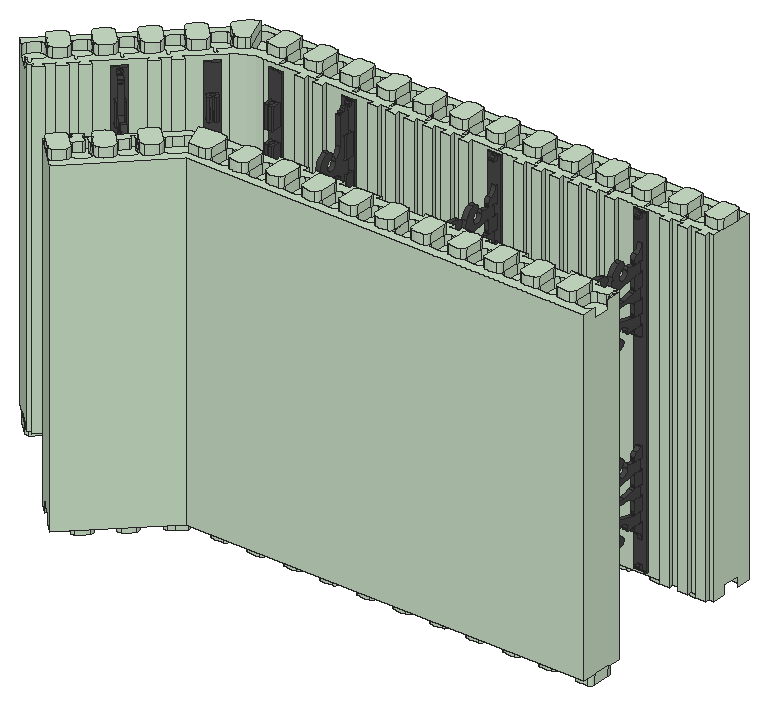
Revit family (continued)
Forms (in)
  Extrusion 49, void
    sketch origin (10, 0, 0) x (-0.707107, -0.707107, 0) y (0.707107, -0.707107, 0)
      loop
        line (-1.62842, 8.55535) -> (-2.27978, 7.90399)
        arc (-2.27978, 7.90399) -> (-2.34995, 7.76615) -> (-2.32559, 7.6134) r 0.25
        arc (-2.32559, 7.6134) -> (-2.18471, 7.40379) -> (-1.99833, 7.23335) r 1.0625
        arc (-1.99833, 7.23335) -> (-1.97244, 7.18765) -> (-1.99053, 7.13835) r 0.0625
        line (-1.99053, 7.13835) -> (-2.14723, 6.98165) -> (-2.02643, 6.86086) -> (-1.78171, 7.10558)
        arc (-1.78171, 7.10558) -> (-1.76253, 7.11866) -> (-1.7399, 7.12384) r 0.0625
        arc (-1.7399, 7.12384) -> (-1.64938, 7.14456) -> (-1.57267, 7.19688) r 0.25
        line (-1.57267, 7.19688) -> (-0.92131, 7.84824)
        arc (-0.92131, 7.84824) -> (-0.85114, 7.98608) -> (-0.87549, 8.13883) r 0.25
        arc (-0.87549, 8.13883) -> (-1.07021, 8.40645) -> (-1.33783, 8.60117) r 1.0625
    from 0 to 0.5
  Extrusion 50, void
    sketch origin (12, 0, 0) x (-0.707107, -0.707107, 0) y (0.707107, -0.707107, 0)
      loop
        arc (-1.33783, 8.60117) -> (-1.49058, 8.62552) -> (-1.62842, 8.55535) r 0.25
        line (-1.62842, 8.55535) -> (-2.27978, 7.90399)
        arc (-2.27978, 7.90399) -> (-2.34995, 7.76615) -> (-2.32559, 7.6134) r 0.25
        arc (-2.32559, 7.6134) -> (-2.18471, 7.40379) -> (-1.99833, 7.23335) r 1.0625
        arc (-1.99833, 7.23335) -> (-1.97244, 7.18765) -> (-1.99053, 7.13835) r 0.0625
        line (-1.99053, 7.13835) -> (-2.14723, 6.98165) -> (-2.02643, 6.86086) -> (-1.78171, 7.10558)
        arc (-1.78171, 7.10558) -> (-1.76253, 7.11866) -> (-1.7399, 7.12384) r 0.0625
        arc (-1.7399, 7.12384) -> (-1.64938, 7.14456) -> (-1.57267, 7.19688) r 0.25
        line (-1.57267, 7.19688) -> (-0.92131, 7.84824)
        arc (-0.92131, 7.84824) -> (-0.85114, 7.98608) -> (-0.87549, 8.13883) r 0.25
        arc (-0.87549, 8.13883) -> (-1.07021, 8.40645) -> (-1.33783, 8.60117) r 1.0625
    from 0 to 0.5
  Extrusion 51, void
    sketch origin (14, 0, 0) x (-0.707107, -0.707107, 0) y (0.707107, -0.707107, 0)
      loop
        arc (-1.33783, 8.60117) -> (-1.49058, 8.62552) -> (-1.62842, 8.55535) r 0.25
        line (-1.62842, 8.55535) -> (-2.27978, 7.90399)
        arc (-2.27978, 7.90399) -> (-2.34995, 7.76615) -> (-2.32559, 7.6134) r 0.25
        arc (-2.32559, 7.6134) -> (-2.18471, 7.40379) -> (-1.99833, 7.23335) r 1.0625
        arc (-1.99833, 7.23335) -> (-1.97244, 7.18765) -> (-1.99053, 7.13835) r 0.0625
        line (-1.99053, 7.13835) -> (-2.14723, 6.98165) -> (-2.02643, 6.86086) -> (-1.78171, 7.10558)
        arc (-1.78171, 7.10558) -> (-1.76253, 7.11866) -> (-1.7399, 7.12384) r 0.0625
        arc (-1.7399, 7.12384) -> (-1.64938, 7.14456) -> (-1.57267, 7.19688) r 0.25
        line (-1.57267, 7.19688) -> (-0.92131, 7.84824)
        arc (-0.92131, 7.84824) -> (-0.85114, 7.98608) -> (-0.87549, 8.13883) r 0.25
        arc (-0.87549, 8.13883) -> (-1.07021, 8.40645) -> (-1.33783, 8.60117) r 1.0625
    from 0 to 0.5
  Extrusion 52, void
    sketch origin (16, 0, 0) x (-0.707107, -0.707107, 0) y (0.707107, -0.707107, 0)
      loop
        arc (-1.33783, 8.60117) -> (-1.49058, 8.62552) -> (-1.62842, 8.55535) r 0.25
        line (-1.62842, 8.55535) -> (-2.27978, 7.90399)
        arc (-2.27978, 7.90399) -> (-2.34995, 7.76615) -> (-2.32559, 7.6134) r 0.25
        arc (-2.32559, 7.6134) -> (-2.18471, 7.40379) -> (-1.99833, 7.23335) r 1.0625
        arc (-1.99833, 7.23335) -> (-1.97244, 7.18765) -> (-1.99053, 7.13835) r 0.0625
        line (-1.99053, 7.13835) -> (-2.14723, 6.98165) -> (-2.02643, 6.86086) -> (-1.78171, 7.10558)
        arc (-1.78171, 7.10558) -> (-1.76253, 7.11866) -> (-1.7399, 7.12384) r 0.0625
        arc (-1.7399, 7.12384) -> (-1.64938, 7.14456) -> (-1.57267, 7.19688) r 0.25
        line (-1.57267, 7.19688) -> (-0.92131, 7.84824)
        arc (-0.92131, 7.84824) -> (-0.85114, 7.98608) -> (-0.87549, 8.13883) r 0.25
        arc (-0.87549, 8.13883) -> (-1.07021, 8.40645) -> (-1.33783, 8.60117) r 1.0625
    from 0 to 0.5
  Extrusion 53, void
    sketch origin (30.40202, 0, 0) x (0.707107, 0.707107, 0) y (-0.707107, 0.707107, 0)
      loop
        arc (-1.33783, 8.60117) -> (-1.49058, 8.62552) -> (-1.62842, 8.55535) r 0.25
        line (-1.62842, 8.55535) -> (-2.27978, 7.90399)
        arc (-2.27978, 7.90399) -> (-2.34995, 7.76615) -> (-2.32559, 7.6134) r 0.25
        arc (-2.32559, 7.6134) -> (-2.18471, 7.40379) -> (-1.99833, 7.23335) r 1.0625
        arc (-1.99833, 7.23335) -> (-1.97244, 7.18765) -> (-1.99053, 7.13835) r 0.0625
        line (-1.99053, 7.13835) -> (-2.14723, 6.98165) -> (-2.02643, 6.86086) -> (-1.78171, 7.10558)
        arc (-1.78171, 7.10558) -> (-1.76253, 7.11866) -> (-1.7399, 7.12384) r 0.0625
        arc (-1.7399, 7.12384) -> (-1.64938, 7.14456) -> (-1.57267, 7.19688) r 0.25
        line (-1.57267, 7.19688) -> (-0.92131, 7.84824)
        arc (-0.92131, 7.84824) -> (-0.85114, 7.98608) -> (-0.87549, 8.13883) r 0.25
        arc (-0.87549, 8.13883) -> (-1.07021, 8.40645) -> (-1.33783, 8.60117) r 1.0625
    from 0 to 0.5
  Extrusion 54, void
    sketch origin (28.40202, 0, 0) x (0.707107, 0.707107, 0) y (-0.707107, 0.707107, 0)
      loop
        arc (-1.33783, 8.60117) -> (-1.49058, 8.62552) -> (-1.62842, 8.55535) r 0.25
        line (-1.62842, 8.55535) -> (-2.27978, 7.90399)
        arc (-2.27978, 7.90399) -> (-2.34995, 7.76615) -> (-2.32559, 7.6134) r 0.25
        arc (-2.32559, 7.6134) -> (-2.18471, 7.40379) -> (-1.99833, 7.23335) r 1.0625
        arc (-1.99833, 7.23335) -> (-1.97244, 7.18765) -> (-1.99053, 7.13835) r 0.0625
        line (-1.99053, 7.13835) -> (-2.14723, 6.98165) -> (-2.02643, 6.86086) -> (-1.78171, 7.10558)
        arc (-1.78171, 7.10558) -> (-1.76253, 7.11866) -> (-1.7399, 7.12384) r 0.0625
        arc (-1.7399, 7.12384) -> (-1.64938, 7.14456) -> (-1.57267, 7.19688) r 0.25
        line (-1.57267, 7.19688) -> (-0.92131, 7.84824)
        arc (-0.92131, 7.84824) -> (-0.85114, 7.98608) -> (-0.87549, 8.13883) r 0.25
        arc (-0.87549, 8.13883) -> (-1.07021, 8.40645) -> (-1.33783, 8.60117) r 1.0625
    from 0 to 0.5
  Extrusion 55, void
    sketch origin (26.40202, 0, 0) x (0.707107, 0.707107, 0) y (-0.707107, 0.707107, 0)
      loop
        arc (-1.33783, 8.60117) -> (-1.49058, 8.62552) -> (-1.62842, 8.55535) r 0.25
        line (-1.62842, 8.55535) -> (-2.27978, 7.90399)
        arc (-2.27978, 7.90399) -> (-2.34995, 7.76615) -> (-2.32559, 7.6134) r 0.25
        arc (-2.32559, 7.6134) -> (-2.18471, 7.40379) -> (-1.99833, 7.23335) r 1.0625
        arc (-1.99833, 7.23335) -> (-1.97244, 7.18765) -> (-1.99053, 7.13835) r 0.0625
        line (-1.99053, 7.13835) -> (-2.14723, 6.98165) -> (-2.02643, 6.86086) -> (-1.78171, 7.10558)
        arc (-1.78171, 7.10558) -> (-1.76253, 7.11866) -> (-1.7399, 7.12384) r 0.0625
        arc (-1.7399, 7.12384) -> (-1.64938, 7.14456) -> (-1.57267, 7.19688) r 0.25
        line (-1.57267, 7.19688) -> (-0.92131, 7.84824)
        arc (-0.92131, 7.84824) -> (-0.85114, 7.98608) -> (-0.87549, 8.13883) r 0.25
        arc (-0.87549, 8.13883) -> (-1.07021, 8.40645) -> (-1.33783, 8.60117) r 1.0625
    from 0 to 0.5
  Extrusion 56, void
    sketch origin (24.40202, 0, 0) x (0.707107, 0.707107, 0) y (-0.707107, 0.707107, 0)
      loop
        arc (-1.33783, 8.60117) -> (-1.49058, 8.62552) -> (-1.62842, 8.55535) r 0.25
        line (-1.62842, 8.55535) -> (-2.27978, 7.90399)
        arc (-2.27978, 7.90399) -> (-2.34995, 7.76615) -> (-2.32559, 7.6134) r 0.25
        arc (-2.32559, 7.6134) -> (-2.18471, 7.40379) -> (-1.99833, 7.23335) r 1.0625
        arc (-1.99833, 7.23335) -> (-1.97244, 7.18765) -> (-1.99053, 7.13835) r 0.0625
        line (-1.99053, 7.13835) -> (-2.14723, 6.98165) -> (-2.02643, 6.86086) -> (-1.78171, 7.10558)
        arc (-1.78171, 7.10558) -> (-1.76253, 7.11866) -> (-1.7399, 7.12384) r 0.0625
        arc (-1.7399, 7.12384) -> (-1.64938, 7.14456) -> (-1.57267, 7.19688) r 0.25
        line (-1.57267, 7.19688) -> (-0.92131, 7.84824)
        arc (-0.92131, 7.84824) -> (-0.85114, 7.98608) -> (-0.87549, 8.13883) r 0.25
        arc (-0.87549, 8.13883) -> (-1.07021, 8.40645) -> (-1.33783, 8.60117) r 1.0625
    from 0 to 0.5
  Extrusion 57, void
    sketch origin (22.40202, 0, 0) x (0.707107, 0.707107, 0) y (-0.707107, 0.707107, 0)
      loop
        arc (-1.33783, 8.60117) -> (-1.49058, 8.62552) -> (-1.62842, 8.55535) r 0.25
        line (-1.62842, 8.55535) -> (-2.27978, 7.90399)
        arc (-2.27978, 7.90399) -> (-2.34995, 7.76615) -> (-2.32559, 7.6134) r 0.25
        arc (-2.32559, 7.6134) -> (-2.18471, 7.40379) -> (-1.99833, 7.23335) r 1.0625
        arc (-1.99833, 7.23335) -> (-1.97244, 7.18765) -> (-1.99053, 7.13835) r 0.0625
        line (-1.99053, 7.13835) -> (-2.14723, 6.98165) -> (-2.02643, 6.86086) -> (-1.78171, 7.10558)
        arc (-1.78171, 7.10558) -> (-1.76253, 7.11866) -> (-1.7399, 7.12384) r 0.0625
        arc (-1.7399, 7.12384) -> (-1.64938, 7.14456) -> (-1.57267, 7.19688) r 0.25
        line (-1.57267, 7.19688) -> (-0.92131, 7.84824)
        arc (-0.92131, 7.84824) -> (-0.85114, 7.98608) -> (-0.87549, 8.13883) r 0.25
        arc (-0.87549, 8.13883) -> (-1.07021, 8.40645) -> (-1.33783, 8.60117) r 1.0625
    from 0 to 0.5
  Extrusion 58, void
    sketch origin (20.40202, 0, 0) x (0.707107, 0.707107, 0) y (-0.707107, 0.707107, 0)
      loop
        arc (-1.33783, 8.60117) -> (-1.49058, 8.62552) -> (-1.62842, 8.55535) r 0.25
        line (-1.62842, 8.55535) -> (-2.27978, 7.90399)
        arc (-2.27978, 7.90399) -> (-2.34995, 7.76615) -> (-2.32559, 7.6134) r 0.25
        arc (-2.32559, 7.6134) -> (-2.18471, 7.40379) -> (-1.99833, 7.23335) r 1.0625
        arc (-1.99833, 7.23335) -> (-1.97244, 7.18765) -> (-1.99053, 7.13835) r 0.0625
        line (-1.99053, 7.13835) -> (-2.14723, 6.98165) -> (-2.02643, 6.86086) -> (-1.78171, 7.10558)
        arc (-1.78171, 7.10558) -> (-1.76253, 7.11866) -> (-1.7399, 7.12384) r 0.0625
        arc (-1.7399, 7.12384) -> (-1.64938, 7.14456) -> (-1.57267, 7.19688) r 0.25
        line (-1.57267, 7.19688) -> (-0.92131, 7.84824)
        arc (-0.92131, 7.84824) -> (-0.85114, 7.98608) -> (-0.87549, 8.13883) r 0.25
        arc (-0.87549, 8.13883) -> (-1.07021, 8.40645) -> (-1.33783, 8.60117) r 1.0625
    from 0 to 0.5
  Extrusion 59, void
    sketch origin (18.40202, 0, 0) x (0.707107, 0.707107, 0) y (-0.707107, 0.707107, 0)
      loop
        arc (-1.33783, 8.60117) -> (-1.49058, 8.62552) -> (-1.62842, 8.55535) r 0.25
        line (-1.62842, 8.55535) -> (-2.27978, 7.90399)
        arc (-2.27978, 7.90399) -> (-2.34995, 7.76615) -> (-2.32559, 7.6134) r 0.25
        arc (-2.32559, 7.6134) -> (-2.18471, 7.40379) -> (-1.99833, 7.23335) r 1.0625
        arc (-1.99833, 7.23335) -> (-1.97244, 7.18765) -> (-1.99053, 7.13835) r 0.0625
        line (-1.99053, 7.13835) -> (-2.14723, 6.98165) -> (-2.02643, 6.86086) -> (-1.78171, 7.10558)
        arc (-1.78171, 7.10558) -> (-1.76253, 7.11866) -> (-1.7399, 7.12384) r 0.0625
        arc (-1.7399, 7.12384) -> (-1.64938, 7.14456) -> (-1.57267, 7.19688) r 0.25
        line (-1.57267, 7.19688) -> (-0.92131, 7.84824)
        arc (-0.92131, 7.84824) -> (-0.85114, 7.98608) -> (-0.87549, 8.13883) r 0.25
        arc (-0.87549, 8.13883) -> (-1.07021, 8.40645) -> (-1.33783, 8.60117) r 1.0625
    from 0 to 0.5
  Extrusion 60, void
    sketch origin (16.40202, 0, 0) x (0.707107, 0.707107, 0) y (-0.707107, 0.707107, 0)
      loop
        arc (-1.33783, 8.60117) -> (-1.49058, 8.62552) -> (-1.62842, 8.55535) r 0.25
        line (-1.62842, 8.55535) -> (-2.27978, 7.90399)
        arc (-2.27978, 7.90399) -> (-2.34995, 7.76615) -> (-2.32559, 7.6134) r 0.25
        arc (-2.32559, 7.6134) -> (-2.18471, 7.40379) -> (-1.99833, 7.23335) r 1.0625
        arc (-1.99833, 7.23335) -> (-1.97244, 7.18765) -> (-1.99053, 7.13835) r 0.0625
        line (-1.99053, 7.13835) -> (-2.14723, 6.98165) -> (-2.02643, 6.86086) -> (-1.78171, 7.10558)
        arc (-1.78171, 7.10558) -> (-1.76253, 7.11866) -> (-1.7399, 7.12384) r 0.0625
        arc (-1.7399, 7.12384) -> (-1.64938, 7.14456) -> (-1.57267, 7.19688) r 0.25
        line (-1.57267, 7.19688) -> (-0.92131, 7.84824)
        arc (-0.92131, 7.84824) -> (-0.85114, 7.98608) -> (-0.87549, 8.13883) r 0.25
        arc (-0.87549, 8.13883) -> (-1.07021, 8.40645) -> (-1.33783, 8.60117) r 1.0625
    from 0 to 0.5
  Extrusion 61, void
    sketch origin (14.40202, 0, 0) x (0.707107, 0.707107, 0) y (-0.707107, 0.707107, 0)
      loop
        arc (-1.33783, 8.60117) -> (-1.49058, 8.62552) -> (-1.62842, 8.55535) r 0.25
        line (-1.62842, 8.55535) -> (-2.27978, 7.90399)
        arc (-2.27978, 7.90399) -> (-2.34995, 7.76615) -> (-2.32559, 7.6134) r 0.25
        arc (-2.32559, 7.6134) -> (-2.18471, 7.40379) -> (-1.99833, 7.23335) r 1.0625
        arc (-1.99833, 7.23335) -> (-1.97244, 7.18765) -> (-1.99053, 7.13835) r 0.0625
        line (-1.99053, 7.13835) -> (-2.14723, 6.98165) -> (-2.02643, 6.86086) -> (-1.78171, 7.10558)
        arc (-1.78171, 7.10558) -> (-1.76253, 7.11866) -> (-1.7399, 7.12384) r 0.0625
        arc (-1.7399, 7.12384) -> (-1.64938, 7.14456) -> (-1.57267, 7.19688) r 0.25
        line (-1.57267, 7.19688) -> (-0.92131, 7.84824)
        arc (-0.92131, 7.84824) -> (-0.85114, 7.98608) -> (-0.87549, 8.13883) r 0.25
        arc (-0.87549, 8.13883) -> (-1.07021, 8.40645) -> (-1.33783, 8.60117) r 1.0625
    from 0 to 0.5
  Extrusion 62, void
    sketch origin (12.40202, 0, 0) x (0.707107, 0.707107, 0) y (-0.707107, 0.707107, 0)
      loop
        arc (-1.33783, 8.60117) -> (-1.49058, 8.62552) -> (-1.62842, 8.55535) r 0.25
        line (-1.62842, 8.55535) -> (-2.27978, 7.90399)
        arc (-2.27978, 7.90399) -> (-2.34995, 7.76615) -> (-2.32559, 7.6134) r 0.25
        arc (-2.32559, 7.6134) -> (-2.18471, 7.40379) -> (-1.99833, 7.23335) r 1.0625
        arc (-1.99833, 7.23335) -> (-1.97244, 7.18765) -> (-1.99053, 7.13835) r 0.0625
        line (-1.99053, 7.13835) -> (-2.14723, 6.98165) -> (-2.02643, 6.86086) -> (-1.78171, 7.10558)
        arc (-1.78171, 7.10558) -> (-1.76253, 7.11866) -> (-1.7399, 7.12384) r 0.0625
        arc (-1.7399, 7.12384) -> (-1.64938, 7.14456) -> (-1.57267, 7.19688) r 0.25
        line (-1.57267, 7.19688) -> (-0.92131, 7.84824)
        arc (-0.92131, 7.84824) -> (-0.85114, 7.98608) -> (-0.87549, 8.13883) r 0.25
        arc (-0.87549, 8.13883) -> (-1.07021, 8.40645) -> (-1.33783, 8.60117) r 1.0625
    from 0 to 0.5
  Extrusion 63, void
    sketch origin (10.40202, 0, 0) x (0.707107, 0.707107, 0) y (-0.707107, 0.707107, 0)
      loop
        arc (-1.33783, 8.60117) -> (-1.49058, 8.62552) -> (-1.62842, 8.55535) r 0.25
        line (-1.62842, 8.55535) -> (-2.27978, 7.90399)
        arc (-2.27978, 7.90399) -> (-2.34995, 7.76615) -> (-2.32559, 7.6134) r 0.25
        arc (-2.32559, 7.6134) -> (-2.18471, 7.40379) -> (-1.99833, 7.23335) r 1.0625
        arc (-1.99833, 7.23335) -> (-1.97244, 7.18765) -> (-1.99053, 7.13835) r 0.0625
        line (-1.99053, 7.13835) -> (-2.14723, 6.98165) -> (-2.02643, 6.86086) -> (-1.78171, 7.10558)
        arc (-1.78171, 7.10558) -> (-1.76253, 7.11866) -> (-1.7399, 7.12384) r 0.0625
        arc (-1.7399, 7.12384) -> (-1.64938, 7.14456) -> (-1.57267, 7.19688) r 0.25
        line (-1.57267, 7.19688) -> (-0.92131, 7.84824)
        arc (-0.92131, 7.84824) -> (-0.85114, 7.98608) -> (-0.87549, 8.13883) r 0.25
        arc (-0.87549, 8.13883) -> (-1.07021, 8.40645) -> (-1.33783, 8.60117) r 1.0625
    from 0 to 0.5
  Extrusion 64, void
    sketch origin (8.40202, 0, 0) x (0.707107, 0.707107, 0) y (-0.707107, 0.707107, 0)
      loop
        arc (-1.33783, 8.60117) -> (-1.49058, 8.62552) -> (-1.62842, 8.55535) r 0.25
        line (-1.62842, 8.55535) -> (-2.27978, 7.90399)
        arc (-2.27978, 7.90399) -> (-2.34995, 7.76615) -> (-2.32559, 7.6134) r 0.25
        arc (-2.32559, 7.6134) -> (-2.18471, 7.40379) -> (-1.99833, 7.23335) r 1.0625
        arc (-1.99833, 7.23335) -> (-1.97244, 7.18765) -> (-1.99053, 7.13835) r 0.0625
        line (-1.99053, 7.13835) -> (-2.14723, 6.98165) -> (-2.02643, 6.86086) -> (-1.78171, 7.10558)
        arc (-1.78171, 7.10558) -> (-1.76253, 7.11866) -> (-1.7399, 7.12384) r 0.0625
        arc (-1.7399, 7.12384) -> (-1.64938, 7.14456) -> (-1.57267, 7.19688) r 0.25
        line (-1.57267, 7.19688) -> (-0.92131, 7.84824)
        arc (-0.92131, 7.84824) -> (-0.85114, 7.98608) -> (-0.87549, 8.13883) r 0.25
        arc (-0.87549, 8.13883) -> (-1.07021, 8.40645) -> (-1.33783, 8.60117) r 1.0625
    from 0 to 0.5
  Extrusion 65, void
    sketch origin (6.40202, 0, 0) x (0.707107, 0.707107, 0) y (-0.707107, 0.707107, 0)
      loop
        arc (-1.33783, 8.60117) -> (-1.49058, 8.62552) -> (-1.62842, 8.55535) r 0.25
        line (-1.62842, 8.55535) -> (-2.27978, 7.90399)
        arc (-2.27978, 7.90399) -> (-2.34995, 7.76615) -> (-2.32559, 7.6134) r 0.25
        arc (-2.32559, 7.6134) -> (-2.18471, 7.40379) -> (-1.99833, 7.23335) r 1.0625
        arc (-1.99833, 7.23335) -> (-1.97244, 7.18765) -> (-1.99053, 7.13835) r 0.0625
        line (-1.99053, 7.13835) -> (-2.14723, 6.98165) -> (-2.02643, 6.86086) -> (-1.78171, 7.10558)
        arc (-1.78171, 7.10558) -> (-1.76253, 7.11866) -> (-1.7399, 7.12384) r 0.0625
        arc (-1.7399, 7.12384) -> (-1.64938, 7.14456) -> (-1.57267, 7.19688) r 0.25
        line (-1.57267, 7.19688) -> (-0.92131, 7.84824)
        arc (-0.92131, 7.84824) -> (-0.85114, 7.98608) -> (-0.87549, 8.13883) r 0.25
        arc (-0.87549, 8.13883) -> (-1.07021, 8.40645) -> (-1.33783, 8.60117) r 1.0625
    from 0 to 0.5
  Extrusion 66, void
    sketch origin (4.24264, 4.24264, 0) x (0, 1, 0) y (-1, 0, 0)
      loop
        arc (-1.33783, 8.60117) -> (-1.49058, 8.62552) -> (-1.62842, 8.55535) r 0.25
        line (-1.62842, 8.55535) -> (-2.27978, 7.90399)
        arc (-2.27978, 7.90399) -> (-2.34995, 7.76615) -> (-2.32559, 7.6134) r 0.25
        arc (-2.32559, 7.6134) -> (-2.18471, 7.40379) -> (-1.99833, 7.23335) r 1.0625
        arc (-1.99833, 7.23335) -> (-1.97244, 7.18765) -> (-1.99053, 7.13835) r 0.0625
        line (-1.99053, 7.13835) -> (-2.14723, 6.98165) -> (-2.02643, 6.86086) -> (-1.78171, 7.10558)
        arc (-1.78171, 7.10558) -> (-1.76253, 7.11866) -> (-1.7399, 7.12384) r 0.0625
        arc (-1.7399, 7.12384) -> (-1.64938, 7.14456) -> (-1.57267, 7.19688) r 0.25
        line (-1.57267, 7.19688) -> (-0.92131, 7.84824)
        arc (-0.92131, 7.84824) -> (-0.85114, 7.98608) -> (-0.87549, 8.13883) r 0.25
        arc (-0.87549, 8.13883) -> (-1.07021, 8.40645) -> (-1.33783, 8.60117) r 1.0625
    from 0 to 0.5
  Extrusion 67, void
    sketch origin (2.82843, 2.82843, 0) x (0, 1, 0) y (-1, 0, 0)
      loop
        arc (-1.33783, 8.60117) -> (-1.49058, 8.62552) -> (-1.62842, 8.55535) r 0.25
        line (-1.62842, 8.55535) -> (-2.27978, 7.90399)
        arc (-2.27978, 7.90399) -> (-2.34995, 7.76615) -> (-2.32559, 7.6134) r 0.25
        arc (-2.32559, 7.6134) -> (-2.18471, 7.40379) -> (-1.99833, 7.23335) r 1.0625
        arc (-1.99833, 7.23335) -> (-1.97244, 7.18765) -> (-1.99053, 7.13835) r 0.0625
        line (-1.99053, 7.13835) -> (-2.14723, 6.98165) -> (-2.02643, 6.86086) -> (-1.78171, 7.10558)
        arc (-1.78171, 7.10558) -> (-1.76253, 7.11866) -> (-1.7399, 7.12384) r 0.0625
        arc (-1.7399, 7.12384) -> (-1.64938, 7.14456) -> (-1.57267, 7.19688) r 0.25
        line (-1.57267, 7.19688) -> (-0.92131, 7.84824)
        arc (-0.92131, 7.84824) -> (-0.85114, 7.98608) -> (-0.87549, 8.13883) r 0.25
        arc (-0.87549, 8.13883) -> (-1.07021, 8.40645) -> (-1.33783, 8.60117) r 1.0625
    from 0 to 0.5
  Extrusion 68, void
    sketch origin (1.41421, 1.41421, 0) x (0, 1, 0) y (-1, 0, 0)
      loop
        arc (-1.33783, 8.60117) -> (-1.49058, 8.62552) -> (-1.62842, 8.55535) r 0.25
        line (-1.62842, 8.55535) -> (-2.27978, 7.90399)
        arc (-2.27978, 7.90399) -> (-2.34995, 7.76615) -> (-2.32559, 7.6134) r 0.25
        arc (-2.32559, 7.6134) -> (-2.18471, 7.40379) -> (-1.99833, 7.23335) r 1.0625
        arc (-1.99833, 7.23335) -> (-1.97244, 7.18765) -> (-1.99053, 7.13835) r 0.0625
        line (-1.99053, 7.13835) -> (-2.14723, 6.98165) -> (-2.02643, 6.86086) -> (-1.78171, 7.10558)
        arc (-1.78171, 7.10558) -> (-1.76253, 7.11866) -> (-1.7399, 7.12384) r 0.0625
        arc (-1.7399, 7.12384) -> (-1.64938, 7.14456) -> (-1.57267, 7.19688) r 0.25
        line (-1.57267, 7.19688) -> (-0.92131, 7.84824)
        arc (-0.92131, 7.84824) -> (-0.85114, 7.98608) -> (-0.87549, 8.13883) r 0.25
        arc (-0.87549, 8.13883) -> (-1.07021, 8.40645) -> (-1.33783, 8.60117) r 1.0625
    from 0 to 0.5
  Extrusion 69, void
    sketch origin (0, 0, 0) x (0, 1, 0) y (-1, 0, 0)
      loop
        arc (-1.33783, 8.60117) -> (-1.49058, 8.62552) -> (-1.62842, 8.55535) r 0.25
        line (-1.62842, 8.55535) -> (-2.27978, 7.90399)
        arc (-2.27978, 7.90399) -> (-2.34995, 7.76615) -> (-2.32559, 7.6134) r 0.25
        arc (-2.32559, 7.6134) -> (-2.18471, 7.40379) -> (-1.99833, 7.23335) r 1.0625
        arc (-1.99833, 7.23335) -> (-1.97244, 7.18765) -> (-1.99053, 7.13835) r 0.0625
        line (-1.99053, 7.13835) -> (-2.14723, 6.98165) -> (-2.02643, 6.86086) -> (-1.78171, 7.10558)
        arc (-1.78171, 7.10558) -> (-1.76253, 7.11866) -> (-1.7399, 7.12384) r 0.0625
        arc (-1.7399, 7.12384) -> (-1.64938, 7.14456) -> (-1.57267, 7.19688) r 0.25
        line (-1.57267, 7.19688) -> (-0.92131, 7.84824)
        arc (-0.92131, 7.84824) -> (-0.85114, 7.98608) -> (-0.87549, 8.13883) r 0.25
        arc (-0.87549, 8.13883) -> (-1.07021, 8.40645) -> (-1.33783, 8.60117) r 1.0625
    from 0 to 0.5
Cuts and joins
  Extrusion 6, Extrusion 7, Extrusion 8, Extrusion 9, Extrusion 10, Extrusion 11, Extrusion 12, Extrusion 13, Extrusion 14, Extrusion 15, Extrusion 16, Extrusion 17, Extrusion 18, Extrusion 19, Extrusion 20, Extrusion 21, Extrusion 22, Extrusion 23, Extrusion 24, Extrusion 25, Extrusion 26, Extrusion 27, Extrusion 28, Extrusion 29, Extrusion 30, Extrusion 31, Extrusion 32, Extrusion 33, Extrusion 34, Extrusion 35, Extrusion 36, Extrusion 37, Extrusion 38, Extrusion 39, Extrusion 40, Extrusion 41, Extrusion 42, Extrusion 43, Extrusion 44, Extrusion 45, Extrusion 46, Extrusion 47, Extrusion 48, Extrusion 49, Extrusion 50, Extrusion 51, Extrusion 52, Extrusion 53, Extrusion 54, Extrusion 55, Extrusion 56, Extrusion 57, Extrusion 58, Extrusion 59, Extrusion 60, Extrusion 61, Extrusion 62, Extrusion 63, Extrusion 64, Extrusion 65, Extrusion 66, Extrusion 67, Extrusion 68, Extrusion 69 cuts Extrusion 1
  Extrusion 9, Extrusion 36 cuts Extrusion 2
  Extrusion 35, Extrusion 37 cuts Extrusion 3
  Extrusion 38, Extrusion 43 cuts Extrusion 5
  Extrusion 39, Extrusion 65, Extrusion 66 cuts Extrusion 4
Lines and regions (in)
  model lines
    curve 1: line (8.20717, 5.625, 0) -> (8.20717, 5.625, 18)
Dimensions and locks (in)
  locked: plane 5 to plane 4 at 6
  equal spacing: plane 5, plane 1 "Center (Front/Back)", plane 4
  equal spacing: plane 8, plane 7, plane 6
  locked: plane 8 to plane 6 at 6
  locked: level to plane 9 at 18
  aligned and locked: plane 9 to Extrusion 1
  aligned and locked: Extrusion 1 to plane 9  (x3)
  aligned and locked: Extrusion 1 to level
  aligned and locked: plane 2 to level
  aligned and locked: level to Extrusion 1  (x2)
  aligned and locked: cut or joined group 1 (Extrusion 1, Extrusion 6, Extrusion 7, Extrusion 8, Extrusion 9, Extrusion 10, Extrusion 11, Extrusion 12, Extrusion 13, Extrusion 14, Extrusion 15, Extrusion 16, Extrusion 17, Extrusion 18, Extrusion 19, Extrusion 20, Extrusion 21, Extrusion 22, Extrusion 23, Extrusion 24, Extrusion 25, Extrusion 26, Extrusion 27, Extrusion 28, Extrusion 29, Extrusion 30, Extrusion 31, Extrusion 32, Extrusion 33, Extrusion 34, Extrusion 35, Extrusion 36, Extrusion 37, Extrusion 38, Extrusion 39, Extrusion 40, Extrusion 41, Extrusion 42, Extrusion 43, Extrusion 44, Extrusion 45, Extrusion 46, Extrusion 47, Extrusion 48, Extrusion 49, Extrusion 50, Extrusion 51, Extrusion 52, Extrusion 53, Extrusion 54, Extrusion 55, Extrusion 56, Extrusion 57, Extrusion 58, Extrusion 59, Extrusion 60, Extrusion 61, Extrusion 62, Extrusion 63, Extrusion 64, Extrusion 65, Extrusion 66, Extrusion 67, Extrusion 68, Extrusion 69) to nested 73
  aligned and locked: cut or joined group 1 to nested 74
  aligned and locked: nested 75 to nested 71
  aligned and locked: nested 76 to cut or joined group 1
Automatic sketch dimensions
  plane 6 to Extrusion 1 sketch curve = 0' - 0"  (x10)
  plane 8 to Extrusion 1 sketch curve = 0' - 0"  (x6)
  plane 4 to Extrusion 1 sketch curve = 0' - 0"  (x17)
  plane 5 to Extrusion 1 sketch curve = 0' - 0"  (x15)
  Extrusion 1 sketch curve to plane 5 = 0' - 1.17849"
  Extrusion 1 sketch curve to plane 3 "Center (Left/Right)" = 0' - 9.77647"
  plane 5 to Extrusion 1 sketch curve = 0' - 0.50089"
  Extrusion 1 sketch curve to Extrusion 1 sketch curve = 0' - 1.67938"
  plane 5 to Extrusion 1 sketch curve = 0' - 0.30208"
  plane 5 to Extrusion 1 sketch curve = 0' - 0.52293"
  Extrusion 1 sketch curve to plane 5 = 0' - 0.0074"
  Extrusion 1 sketch curve to Extrusion 1 sketch curve = 0' - 0.30948"  (x7)
  plane 5 to Extrusion 1 sketch curve = 0' - 0.1253"
  Extrusion 1 sketch curve to plane 5 = 0' - 0.40503"
  Extrusion 1 sketch curve to Extrusion 1 sketch curve = 0' - 0.17678"  (x6)
  Extrusion 1 sketch curve to plane 5 = 0' - 0.18418"
  Extrusion 1 sketch curve to plane 5 = 0' - 0.71451"
  Extrusion 1 sketch curve to plane 5 = 0' - 0.58181"
  Extrusion 1 sketch curve to plane 5 = 0' - 1.11214"
  Extrusion 1 sketch curve to plane 5 = 0' - 0.89128"
  Extrusion 1 sketch curve to plane 5 = 0' - 1.42161"
  Extrusion 1 sketch curve to plane 5 = 0' - 1.28891"
  Extrusion 1 sketch curve to plane 1 "Center (Front/Back)" = 0' - 0.23346"
  Extrusion 1 sketch curve to Extrusion 1 sketch curve = 0' - 1.59099"
  Extrusion 1 sketch curve to plane 1 "Center (Front/Back)" = 0' - 0.0126"
  Extrusion 1 sketch curve to plane 1 "Center (Front/Back)" = 0' - 0.54293"
  Extrusion 1 sketch curve to plane 1 "Center (Front/Back)" = 0' - 0.41023"
  Extrusion 1 sketch curve to plane 1 "Center (Front/Back)" = 0' - 0.94056"
  Extrusion 1 sketch curve to plane 1 "Center (Front/Back)" = 0' - 0.71971"
  Extrusion 1 sketch curve to plane 3 "Center (Left/Right)" = 0' - 3.52293"
  Extrusion 1 sketch curve to Extrusion 1 sketch curve = 0' - 0.02204"
  Extrusion 1 sketch curve to plane 1 "Center (Front/Back)" = 0' - 1.25004"
  Extrusion 1 sketch curve to Extrusion 1 sketch curve = 0' - 0.22085"  (x6)
  Extrusion 1 sketch curve to plane 1 "Center (Front/Back)" = 0' - 1.11734"
  Extrusion 1 sketch curve to Extrusion 1 sketch curve = 0' - 0.1327"  (x6)
  Extrusion 1 sketch curve to plane 3 "Center (Left/Right)" = 0' - 2.32995"
  plane 4 to Extrusion 1 sketch curve = 0' - 0.33579"
  Extrusion 1 sketch curve to plane 3 "Center (Left/Right)" = 0' - 1.93198"
  Extrusion 1 sketch curve to plane 3 "Center (Left/Right)" = 0' - 1.82151"
  Extrusion 1 sketch curve to plane 3 "Center (Left/Right)" = 0' - 0.51777"
  plane 3 "Center (Left/Right)" to Extrusion 1 sketch curve = 0' - 0.76041"
  plane 3 "Center (Left/Right)" to Extrusion 1 sketch curve = 0' - 1.41984"
  Extrusion 1 sketch curve to Extrusion 1 sketch curve = 0' - 0.06233"  (x64)
  Extrusion 1 sketch curve to plane 4 = 0' - 0 1/4"  (x17)
  Extrusion 1 sketch curve to Extrusion 1 sketch curve = 0' - 0.43767"  (x57)
  plane 5 to Extrusion 1 sketch curve = 0' - 0 1/4"  (x16)
  Extrusion 1 sketch curve to Extrusion 1 sketch curve = 0' - 1.41421"
  Extrusion 1 sketch curve to Extrusion 1 sketch curve = 0' - 0.15533"
  Extrusion 1 sketch curve to Extrusion 1 sketch curve = 0' - 2.43767"  (x5)
  Extrusion 1 sketch curve to Extrusion 1 sketch curve = 0' - 3.24522"
  Extrusion 1 sketch curve to Extrusion 1 sketch curve = 0' - 0.28117"  (x2)
  Extrusion 1 sketch curve to Extrusion 1 sketch curve = 0' - 0.19881"
  Extrusion 1 sketch curve to Extrusion 1 sketch curve = 0' - 0 3/8"
  Extrusion 1 sketch curve to plane 1 "Center (Front/Back)" = 0' - 1 1/4"
  plane 5 to Extrusion 2 sketch curve = 0' - 0.80644"
  plane 3 "Center (Left/Right)" to Extrusion 2 sketch curve = 0' - 1.57668"
  Extrusion 2 sketch curve to Extrusion 2 sketch curve = 0' - 0.57205"
  Extrusion 2 sketch curve to Extrusion 2 sketch curve = 0' - 0.02589"
  Extrusion 2 sketch curve to Extrusion 2 sketch curve = 0' - 0.52639"
  Extrusion 2 sketch curve to Extrusion 2 sketch curve = 0' - 0"  (x3)
  Extrusion 2 sketch curve to Extrusion 2 sketch curve = 0' - 0 1/4"  (x3)
  Extrusion 2 sketch curve to Extrusion 2 sketch curve = 0' - 0.07692"  (x2)
  Extrusion 2 sketch curve to Extrusion 2 sketch curve = 0' - 0.17048"
  Extrusion 2 sketch curve to Extrusion 2 sketch curve = 0' - 0.14808"
  Extrusion 3 sketch curve to plane 4 = 0' - 1.31902"
  Extrusion 3 sketch curve to plane 3 "Center (Left/Right)" = 0' - 2.94431"
  Extrusion 3 sketch curve to Extrusion 3 sketch curve = 0' - 0"  (x2)
  Extrusion 3 sketch curve to Extrusion 3 sketch curve = 0' - 0.04582"  (x2)
  Extrusion 3 sketch curve to plane 4 = 0' - 1.58664"
  Extrusion 3 sketch curve to Extrusion 3 sketch curve = 0' - 0.19472"
  Extrusion 3 sketch curve to Extrusion 3 sketch curve = 0' - 0.17678"  (x2)
  Extrusion 3 sketch curve to Extrusion 3 sketch curve = 0' - 0.14321"  (x2)
  Extrusion 3 sketch curve to Extrusion 3 sketch curve = 0' - 0.28149"
  Extrusion 3 sketch curve to plane 4 = 0' - 0.37708"
  Extrusion 3 sketch curve to Extrusion 3 sketch curve = 0' - 0.1931"
  Extrusion 3 sketch curve to Extrusion 3 sketch curve = 0' - 0.50691"
  Extrusion 3 sketch curve to Extrusion 3 sketch curve = 0' - 0.07207"
  Extrusion 3 sketch curve to Extrusion 3 sketch curve = 0' - 0.11381"
  Extrusion 3 sketch curve to Extrusion 3 sketch curve = 0' - 0.26762"
  Extrusion 3 sketch curve to plane 4 = 0' - 0 11/16"
  Extrusion 3 sketch curve to Extrusion 3 sketch curve = 0' - 0.16152"
  Extrusion 3 sketch curve to Extrusion 3 sketch curve = 0' - 0.02589"
  Extrusion 3 sketch curve to Extrusion 3 sketch curve = 0' - 0 1/16"
  Extrusion 4 sketch curve to plane 3 "Center (Left/Right)" = 0' - 2.09947"
  Extrusion 4 sketch curve to plane 4 = 0' - 0 11/16"
  Extrusion 4 sketch curve to Extrusion 4 sketch curve = 0' - 0.57205"
  Extrusion 4 sketch curve to Extrusion 4 sketch curve = 0' - 0.59794"
  Extrusion 4 sketch curve to Extrusion 4 sketch curve = 0' - 0.20253"
  Extrusion 4 sketch curve to Extrusion 4 sketch curve = 0' - 0"  (x3)
  Extrusion 4 sketch curve to Extrusion 4 sketch curve = 0' - 0 1/4"  (x3)
  Extrusion 4 sketch curve to Extrusion 4 sketch curve = 0' - 0.07692"  (x2)
  Extrusion 4 sketch curve to Extrusion 4 sketch curve = 0' - 0 1/16"
  Extrusion 4 sketch curve to Extrusion 4 sketch curve = 0' - 0.14808"
  plane 3 "Center (Left/Right)" to Extrusion 5 sketch curve = 0' - 0.50283"
  Extrusion 5 sketch curve to Extrusion 5 sketch curve = 0' - 0"  (x2)
  Extrusion 5 sketch curve to Extrusion 5 sketch curve = 0' - 0.04582"  (x2)
  Extrusion 5 sketch curve to Extrusion 5 sketch curve = 0' - 0.19472"
  Extrusion 5 sketch curve to Extrusion 5 sketch curve = 0' - 0.17678"  (x2)
  Extrusion 5 sketch curve to Extrusion 5 sketch curve = 0' - 0.28149"  (x2)
  Extrusion 5 sketch curve to Extrusion 5 sketch curve = 0' - 0.37221"  (x2)
  Extrusion 5 sketch curve to Extrusion 5 sketch curve = 0' - 0.1931"
  Extrusion 5 sketch curve to Extrusion 5 sketch curve = 0' - 0.07207"
  Extrusion 5 sketch curve to Extrusion 5 sketch curve = 0' - 0.11381"
  Extrusion 5 sketch curve to Extrusion 5 sketch curve = 0' - 0.50691"
  Extrusion 5 sketch curve to Extrusion 5 sketch curve = 0' - 0.26762"
  Extrusion 5 sketch curve to Extrusion 5 sketch curve = 0' - 0.39052"
  Extrusion 5 sketch curve to Extrusion 5 sketch curve = 0' - 0.02589"
  plane 5 to Extrusion 5 sketch curve = 0' - 2.77274"
  Extrusion 5 sketch curve to Extrusion 5 sketch curve = 0' - 0.32802"
  Extrusion 5 sketch curve to Extrusion 5 sketch curve = 0' - 0 1/16"
  Extrusion 5 sketch curve to Extrusion 5 sketch curve = 0' - 0.24884"
  Extrusion 6 sketch curve to plane 3 "Center (Left/Right)" = 0' - 2.32559"
  Extrusion 6 sketch curve to Extrusion 6 sketch curve = 0' - 0"  (x5)
  Extrusion 6 sketch curve to Extrusion 6 sketch curve = 0' - 0.04582"  (x2)
  Extrusion 6 sketch curve to Extrusion 6 sketch curve = 0' - 0.17837"
  Extrusion 6 sketch curve to Extrusion 6 sketch curve = 0' - 0.22259"  (x2)
  Extrusion 6 sketch curve to Extrusion 6 sketch curve = 0' - 0.1125"
  Extrusion 6 sketch curve to Extrusion 6 sketch curve = 0' - 0.1208"
  Extrusion 6 sketch curve to Extrusion 6 sketch curve = 0' - 0.0364"
  Extrusion 6 sketch curve to Extrusion 6 sketch curve = 0' - 0.04419"  (x2)
  Extrusion 6 sketch curve to Extrusion 6 sketch curve = 0' - 0.28149"  (x2)
  Extrusion 6 sketch curve to Extrusion 6 sketch curve = 0' - 0.20883"
  Extrusion 6 sketch curve to Extrusion 6 sketch curve = 0' - 0.03226"
  Extrusion 6 sketch curve to Extrusion 6 sketch curve = 0' - 0.04181"
  Extrusion 6 sketch curve to Extrusion 6 sketch curve = 0' - 0.1931"
  Extrusion 6 sketch curve to Extrusion 6 sketch curve = 0' - 0.16723"
  Extrusion 6 sketch curve to Extrusion 6 sketch curve = 0' - 0.17678"  (x3)
  Extrusion 6 sketch curve to Extrusion 6 sketch curve = 0' - 0.07207"  (x2)
  Extrusion 6 sketch curve to Extrusion 6 sketch curve = 0' - 0.11381"
  plane 5 to Extrusion 6 sketch curve = 0' - 5.60117"
  Extrusion 6 sketch curve to Extrusion 6 sketch curve = 0' - 0.24884"
  Extrusion 6 sketch curve to Extrusion 6 sketch curve = 0' - 0.14031"
  Extrusion 7 sketch curve to plane 3 "Center (Left/Right)" = 0' - 0.91138"
  Extrusion 7 sketch curve to Extrusion 7 sketch curve = 0' - 0"  (x5)
  Extrusion 7 sketch curve to Extrusion 7 sketch curve = 0' - 0.04582"  (x2)
  Extrusion 7 sketch curve to Extrusion 7 sketch curve = 0' - 0.17837"
  Extrusion 7 sketch curve to Extrusion 7 sketch curve = 0' - 0.17678"  (x3)
  Extrusion 7 sketch curve to Extrusion 7 sketch curve = 0' - 0.1125"
  Extrusion 7 sketch curve to Extrusion 7 sketch curve = 0' - 0.1208"
  Extrusion 7 sketch curve to Extrusion 7 sketch curve = 0' - 0.0364"
  Extrusion 7 sketch curve to Extrusion 7 sketch curve = 0' - 0.04419"  (x2)
  Extrusion 7 sketch curve to Extrusion 7 sketch curve = 0' - 0.28149"  (x2)
  Extrusion 7 sketch curve to Extrusion 7 sketch curve = 0' - 0.20883"
  Extrusion 7 sketch curve to Extrusion 7 sketch curve = 0' - 0.03226"
  Extrusion 7 sketch curve to Extrusion 7 sketch curve = 0' - 0.04181"
  Extrusion 7 sketch curve to plane 3 "Center (Left/Right)" = 0' - 0.2142"
  Extrusion 7 sketch curve to plane 3 "Center (Left/Right)" = 0' - 0.15846"
  Extrusion 7 sketch curve to plane 3 "Center (Left/Right)" = 0' - 0.03743"
  plane 3 "Center (Left/Right)" to Extrusion 7 sketch curve = 0' - 0.03464"
  plane 3 "Center (Left/Right)" to Extrusion 7 sketch curve = 0' - 0.07638"
  Extrusion 7 sketch curve to Extrusion 7 sketch curve = 0' - 0.22259"
  plane 5 to Extrusion 7 sketch curve = 0' - 4.18695"
  Extrusion 7 sketch curve to Extrusion 7 sketch curve = 0' - 0.07207"
  Extrusion 7 sketch curve to Extrusion 7 sketch curve = 0' - 0.24884"
  Extrusion 7 sketch curve to Extrusion 7 sketch curve = 0' - 0.14031"
  plane 8 to Extrusion 8 sketch curve = 0' - 2.02974"
  Extrusion 8 sketch curve to Extrusion 8 sketch curve = 0' - 0"  (x5)
  Extrusion 8 sketch curve to Extrusion 8 sketch curve = 0' - 0.04582"  (x2)
  Extrusion 8 sketch curve to Extrusion 8 sketch curve = 0' - 0.17837"
  Extrusion 8 sketch curve to Extrusion 8 sketch curve = 0' - 0.22259"  (x2)
  Extrusion 8 sketch curve to Extrusion 8 sketch curve = 0' - 0.1125"
  Extrusion 8 sketch curve to Extrusion 8 sketch curve = 0' - 0.1208"
  Extrusion 8 sketch curve to Extrusion 8 sketch curve = 0' - 0.0364"
  Extrusion 8 sketch curve to Extrusion 8 sketch curve = 0' - 0.04419"  (x2)
  Extrusion 8 sketch curve to Extrusion 8 sketch curve = 0' - 0.28149"  (x2)
  Extrusion 8 sketch curve to Extrusion 8 sketch curve = 0' - 0.20883"
  Extrusion 8 sketch curve to Extrusion 8 sketch curve = 0' - 0.03226"
  Extrusion 8 sketch curve to Extrusion 8 sketch curve = 0' - 0.04181"
  Extrusion 8 sketch curve to Extrusion 8 sketch curve = 0' - 0.1931"
  Extrusion 8 sketch curve to Extrusion 8 sketch curve = 0' - 0.16723"
  Extrusion 8 sketch curve to Extrusion 8 sketch curve = 0' - 0.17678"  (x3)
  Extrusion 8 sketch curve to Extrusion 8 sketch curve = 0' - 0.07207"  (x2)
  Extrusion 8 sketch curve to Extrusion 8 sketch curve = 0' - 0.11381"
  plane 5 to Extrusion 8 sketch curve = 0' - 2.13595"
  Extrusion 8 sketch curve to Extrusion 8 sketch curve = 0' - 0.24884"
  Extrusion 8 sketch curve to Extrusion 8 sketch curve = 0' - 0.14031"
  plane 8 to Extrusion 9 sketch curve = 0' - 3.44396"
  Extrusion 9 sketch curve to Extrusion 9 sketch curve = 0' - 0"  (x5)
  Extrusion 9 sketch curve to Extrusion 9 sketch curve = 0' - 0.04582"  (x2)
  Extrusion 9 sketch curve to Extrusion 9 sketch curve = 0' - 0.17837"
  Extrusion 9 sketch curve to Extrusion 9 sketch curve = 0' - 0.22259"  (x2)
  Extrusion 9 sketch curve to Extrusion 9 sketch curve = 0' - 0.1125"
  Extrusion 9 sketch curve to Extrusion 9 sketch curve = 0' - 0.1208"
  Extrusion 9 sketch curve to Extrusion 9 sketch curve = 0' - 0.0364"
  Extrusion 9 sketch curve to Extrusion 9 sketch curve = 0' - 0.04419"  (x2)
  Extrusion 9 sketch curve to Extrusion 9 sketch curve = 0' - 0.28149"  (x2)
  Extrusion 9 sketch curve to Extrusion 9 sketch curve = 0' - 0.20883"
  Extrusion 9 sketch curve to Extrusion 9 sketch curve = 0' - 0.03226"
  Extrusion 9 sketch curve to Extrusion 9 sketch curve = 0' - 0.04181"
  Extrusion 9 sketch curve to Extrusion 9 sketch curve = 0' - 0.1931"
  Extrusion 9 sketch curve to Extrusion 9 sketch curve = 0' - 0.16723"
  Extrusion 9 sketch curve to Extrusion 9 sketch curve = 0' - 0.17678"  (x3)
  Extrusion 9 sketch curve to Extrusion 9 sketch curve = 0' - 0.07207"  (x2)
  Extrusion 9 sketch curve to Extrusion 9 sketch curve = 0' - 0.11381"
  plane 5 to Extrusion 9 sketch curve = 0' - 2.13595"
  Extrusion 9 sketch curve to Extrusion 9 sketch curve = 0' - 0.24884"
  Extrusion 9 sketch curve to Extrusion 9 sketch curve = 0' - 0.14031"
  plane 8 to Extrusion 10 sketch curve = 0' - 4.85817"
  Extrusion 10 sketch curve to Extrusion 10 sketch curve = 0' - 0"  (x5)
  Extrusion 10 sketch curve to Extrusion 10 sketch curve = 0' - 0.04582"  (x2)
  Extrusion 10 sketch curve to Extrusion 10 sketch curve = 0' - 0.17837"
  Extrusion 10 sketch curve to Extrusion 10 sketch curve = 0' - 0.17678"  (x4)
  Extrusion 10 sketch curve to Extrusion 10 sketch curve = 0' - 0.1125"
  Extrusion 10 sketch curve to Extrusion 10 sketch curve = 0' - 0.1208"
  Extrusion 10 sketch curve to Extrusion 10 sketch curve = 0' - 0.0364"
  Extrusion 10 sketch curve to Extrusion 10 sketch curve = 0' - 0.04419"  (x2)
  Extrusion 10 sketch curve to Extrusion 10 sketch curve = 0' - 0.28149"  (x2)
  Extrusion 10 sketch curve to Extrusion 10 sketch curve = 0' - 0.20883"
  Extrusion 10 sketch curve to Extrusion 10 sketch curve = 0' - 0.03226"
  Extrusion 10 sketch curve to Extrusion 10 sketch curve = 0' - 0.04181"
  Extrusion 10 sketch curve to Extrusion 10 sketch curve = 0' - 0.1931"
  Extrusion 10 sketch curve to Extrusion 10 sketch curve = 0' - 0.16723"
  Extrusion 10 sketch curve to Extrusion 10 sketch curve = 0' - 0.07207"  (x2)
  Extrusion 10 sketch curve to Extrusion 10 sketch curve = 0' - 0.11381"
  Extrusion 10 sketch curve to Extrusion 10 sketch curve = 0' - 0.22259"
  plane 5 to Extrusion 10 sketch curve = 0' - 2.13595"
  Extrusion 10 sketch curve to Extrusion 10 sketch curve = 0' - 0.24884"
  Extrusion 10 sketch curve to Extrusion 10 sketch curve = 0' - 0.14031"
  plane 8 to Extrusion 11 sketch curve = 0' - 6.27239"
  Extrusion 11 sketch curve to Extrusion 11 sketch curve = 0' - 0"  (x5)
  Extrusion 11 sketch curve to Extrusion 11 sketch curve = 0' - 0.04582"  (x2)
  Extrusion 11 sketch curve to Extrusion 11 sketch curve = 0' - 0.17837"
  Extrusion 11 sketch curve to Extrusion 11 sketch curve = 0' - 0.17678"  (x4)
  Extrusion 11 sketch curve to Extrusion 11 sketch curve = 0' - 0.1125"
  Extrusion 11 sketch curve to Extrusion 11 sketch curve = 0' - 0.1208"
  Extrusion 11 sketch curve to Extrusion 11 sketch curve = 0' - 0.0364"
  Extrusion 11 sketch curve to Extrusion 11 sketch curve = 0' - 0.04419"  (x2)
  Extrusion 11 sketch curve to Extrusion 11 sketch curve = 0' - 0.28149"  (x2)
  Extrusion 11 sketch curve to Extrusion 11 sketch curve = 0' - 0.20883"
  Extrusion 11 sketch curve to Extrusion 11 sketch curve = 0' - 0.03226"
  Extrusion 11 sketch curve to Extrusion 11 sketch curve = 0' - 0.04181"
  Extrusion 11 sketch curve to Extrusion 11 sketch curve = 0' - 0.1931"
  Extrusion 11 sketch curve to Extrusion 11 sketch curve = 0' - 0.16723"
  Extrusion 11 sketch curve to Extrusion 11 sketch curve = 0' - 0.07207"  (x2)
  Extrusion 11 sketch curve to Extrusion 11 sketch curve = 0' - 0.11381"
  Extrusion 11 sketch curve to Extrusion 11 sketch curve = 0' - 0.22259"
  plane 5 to Extrusion 11 sketch curve = 0' - 2.13595"
  Extrusion 11 sketch curve to Extrusion 11 sketch curve = 0' - 0.24884"
  Extrusion 11 sketch curve to Extrusion 11 sketch curve = 0' - 0.14031"
  plane 8 to Extrusion 12 sketch curve = 0' - 7.6866"
  Extrusion 12 sketch curve to Extrusion 12 sketch curve = 0' - 0"  (x5)
  Extrusion 12 sketch curve to Extrusion 12 sketch curve = 0' - 0.04582"  (x2)
  Extrusion 12 sketch curve to Extrusion 12 sketch curve = 0' - 0.17837"
  Extrusion 12 sketch curve to Extrusion 12 sketch curve = 0' - 0.17678"  (x4)
  Extrusion 12 sketch curve to Extrusion 12 sketch curve = 0' - 0.1125"
  Extrusion 12 sketch curve to Extrusion 12 sketch curve = 0' - 0.1208"
  Extrusion 12 sketch curve to Extrusion 12 sketch curve = 0' - 0.0364"
  Extrusion 12 sketch curve to Extrusion 12 sketch curve = 0' - 0.04419"  (x2)
  Extrusion 12 sketch curve to Extrusion 12 sketch curve = 0' - 0.28149"  (x2)
  Extrusion 12 sketch curve to Extrusion 12 sketch curve = 0' - 0.20883"
  Extrusion 12 sketch curve to Extrusion 12 sketch curve = 0' - 0.03226"
  Extrusion 12 sketch curve to Extrusion 12 sketch curve = 0' - 0.04181"
  Extrusion 12 sketch curve to Extrusion 12 sketch curve = 0' - 0.1931"
  Extrusion 12 sketch curve to Extrusion 12 sketch curve = 0' - 0.16723"
  Extrusion 12 sketch curve to Extrusion 12 sketch curve = 0' - 0.07207"  (x2)
  Extrusion 12 sketch curve to Extrusion 12 sketch curve = 0' - 0.11381"
  Extrusion 12 sketch curve to Extrusion 12 sketch curve = 0' - 0.22259"
  plane 5 to Extrusion 12 sketch curve = 0' - 2.13595"
  Extrusion 12 sketch curve to Extrusion 12 sketch curve = 0' - 0.24884"
  Extrusion 12 sketch curve to Extrusion 12 sketch curve = 0' - 0.14031"
  plane 8 to Extrusion 13 sketch curve = 0' - 9.10081"
  Extrusion 13 sketch curve to Extrusion 13 sketch curve = 0' - 0"  (x5)
  Extrusion 13 sketch curve to Extrusion 13 sketch curve = 0' - 0.04582"  (x2)
  Extrusion 13 sketch curve to Extrusion 13 sketch curve = 0' - 0.17837"
  Extrusion 13 sketch curve to Extrusion 13 sketch curve = 0' - 0.22259"  (x2)
  Extrusion 13 sketch curve to Extrusion 13 sketch curve = 0' - 0.1125"
  Extrusion 13 sketch curve to Extrusion 13 sketch curve = 0' - 0.1208"
  Extrusion 13 sketch curve to Extrusion 13 sketch curve = 0' - 0.0364"
  Extrusion 13 sketch curve to Extrusion 13 sketch curve = 0' - 0.04419"  (x2)
  Extrusion 13 sketch curve to Extrusion 13 sketch curve = 0' - 0.28149"  (x2)
  Extrusion 13 sketch curve to Extrusion 13 sketch curve = 0' - 0.20883"
  Extrusion 13 sketch curve to Extrusion 13 sketch curve = 0' - 0.03226"
  Extrusion 13 sketch curve to Extrusion 13 sketch curve = 0' - 0.04181"
  Extrusion 13 sketch curve to Extrusion 13 sketch curve = 0' - 0.1931"
  Extrusion 13 sketch curve to Extrusion 13 sketch curve = 0' - 0.16723"
  Extrusion 13 sketch curve to Extrusion 13 sketch curve = 0' - 0.17678"  (x3)
  Extrusion 13 sketch curve to Extrusion 13 sketch curve = 0' - 0.07207"  (x2)
  Extrusion 13 sketch curve to Extrusion 13 sketch curve = 0' - 0.11381"
  plane 5 to Extrusion 13 sketch curve = 0' - 2.13595"
  Extrusion 13 sketch curve to Extrusion 13 sketch curve = 0' - 0.24884"
  Extrusion 13 sketch curve to Extrusion 13 sketch curve = 0' - 0.14031"
  plane 8 to Extrusion 14 sketch curve = 0' - 10.51503"
  Extrusion 14 sketch curve to Extrusion 14 sketch curve = 0' - 0"  (x5)
  Extrusion 14 sketch curve to Extrusion 14 sketch curve = 0' - 0.04582"  (x2)
  Extrusion 14 sketch curve to Extrusion 14 sketch curve = 0' - 0.17837"
  Extrusion 14 sketch curve to Extrusion 14 sketch curve = 0' - 0.22259"  (x2)
  Extrusion 14 sketch curve to Extrusion 14 sketch curve = 0' - 0.1125"
  Extrusion 14 sketch curve to Extrusion 14 sketch curve = 0' - 0.1208"
  Extrusion 14 sketch curve to Extrusion 14 sketch curve = 0' - 0.0364"
  Extrusion 14 sketch curve to Extrusion 14 sketch curve = 0' - 0.04419"  (x2)
  Extrusion 14 sketch curve to Extrusion 14 sketch curve = 0' - 0.28149"  (x2)
  Extrusion 14 sketch curve to Extrusion 14 sketch curve = 0' - 0.20883"
  Extrusion 14 sketch curve to Extrusion 14 sketch curve = 0' - 0.03226"
  Extrusion 14 sketch curve to Extrusion 14 sketch curve = 0' - 0.04181"
  Extrusion 14 sketch curve to Extrusion 14 sketch curve = 0' - 0.1931"
  Extrusion 14 sketch curve to Extrusion 14 sketch curve = 0' - 0.16723"
  Extrusion 14 sketch curve to Extrusion 14 sketch curve = 0' - 0.17678"  (x3)
  Extrusion 14 sketch curve to Extrusion 14 sketch curve = 0' - 0.07207"  (x2)
  Extrusion 14 sketch curve to Extrusion 14 sketch curve = 0' - 0.11381"
  plane 5 to Extrusion 14 sketch curve = 0' - 2.13595"
  Extrusion 14 sketch curve to Extrusion 14 sketch curve = 0' - 0.24884"
  Extrusion 14 sketch curve to Extrusion 14 sketch curve = 0' - 0.14031"
  plane 8 to Extrusion 15 sketch curve = 0' - 11.92924"
  Extrusion 15 sketch curve to Extrusion 15 sketch curve = 0' - 0"  (x5)
  Extrusion 15 sketch curve to Extrusion 15 sketch curve = 0' - 0.04582"  (x2)
  Extrusion 15 sketch curve to Extrusion 15 sketch curve = 0' - 0.17837"
  Extrusion 15 sketch curve to Extrusion 15 sketch curve = 0' - 0.22259"  (x2)
  Extrusion 15 sketch curve to Extrusion 15 sketch curve = 0' - 0.1125"
  Extrusion 15 sketch curve to Extrusion 15 sketch curve = 0' - 0.1208"
  Extrusion 15 sketch curve to Extrusion 15 sketch curve = 0' - 0.0364"
  Extrusion 15 sketch curve to Extrusion 15 sketch curve = 0' - 0.04419"  (x2)
  Extrusion 15 sketch curve to Extrusion 15 sketch curve = 0' - 0.28149"  (x2)
  Extrusion 15 sketch curve to Extrusion 15 sketch curve = 0' - 0.20883"
  Extrusion 15 sketch curve to Extrusion 15 sketch curve = 0' - 0.03226"
  Extrusion 15 sketch curve to Extrusion 15 sketch curve = 0' - 0.04181"
  Extrusion 15 sketch curve to Extrusion 15 sketch curve = 0' - 0.1931"
  Extrusion 15 sketch curve to Extrusion 15 sketch curve = 0' - 0.16723"
  Extrusion 15 sketch curve to Extrusion 15 sketch curve = 0' - 0.17678"  (x3)
  Extrusion 15 sketch curve to Extrusion 15 sketch curve = 0' - 0.07207"  (x2)
  Extrusion 15 sketch curve to Extrusion 15 sketch curve = 0' - 0.11381"
  plane 5 to Extrusion 15 sketch curve = 0' - 2.13595"
  Extrusion 15 sketch curve to Extrusion 15 sketch curve = 0' - 0.24884"
  Extrusion 15 sketch curve to Extrusion 15 sketch curve = 0' - 0.14031"
  plane 8 to Extrusion 16 sketch curve = 1' - 1.34345"
  Extrusion 16 sketch curve to Extrusion 16 sketch curve = 0' - 0"  (x5)
  Extrusion 16 sketch curve to Extrusion 16 sketch curve = 0' - 0.04582"  (x2)
  Extrusion 16 sketch curve to Extrusion 16 sketch curve = 0' - 0.17837"
  Extrusion 16 sketch curve to Extrusion 16 sketch curve = 0' - 0.22259"  (x2)
  Extrusion 16 sketch curve to Extrusion 16 sketch curve = 0' - 0.1125"
  Extrusion 16 sketch curve to Extrusion 16 sketch curve = 0' - 0.1208"
  Extrusion 16 sketch curve to Extrusion 16 sketch curve = 0' - 0.0364"
  Extrusion 16 sketch curve to Extrusion 16 sketch curve = 0' - 0.04419"  (x2)
  Extrusion 16 sketch curve to Extrusion 16 sketch curve = 0' - 0.28149"  (x2)
  Extrusion 16 sketch curve to Extrusion 16 sketch curve = 0' - 0.20883"
  Extrusion 16 sketch curve to Extrusion 16 sketch curve = 0' - 0.03226"
  Extrusion 16 sketch curve to Extrusion 16 sketch curve = 0' - 0.04181"
  Extrusion 16 sketch curve to Extrusion 16 sketch curve = 0' - 0.1931"
  Extrusion 16 sketch curve to Extrusion 16 sketch curve = 0' - 0.16723"
  Extrusion 16 sketch curve to Extrusion 16 sketch curve = 0' - 0.17678"  (x3)
  Extrusion 16 sketch curve to Extrusion 16 sketch curve = 0' - 0.07207"  (x2)
  Extrusion 16 sketch curve to Extrusion 16 sketch curve = 0' - 0.11381"
  plane 5 to Extrusion 16 sketch curve = 0' - 2.13595"
  Extrusion 16 sketch curve to Extrusion 16 sketch curve = 0' - 0.24884"
  Extrusion 16 sketch curve to Extrusion 16 sketch curve = 0' - 0.14031"
  plane 8 to Extrusion 17 sketch curve = 1' - 2.75767"
  Extrusion 17 sketch curve to Extrusion 17 sketch curve = 0' - 0"  (x5)
  Extrusion 17 sketch curve to Extrusion 17 sketch curve = 0' - 0.04582"  (x2)
  Extrusion 17 sketch curve to Extrusion 17 sketch curve = 0' - 0.17837"
  Extrusion 17 sketch curve to Extrusion 17 sketch curve = 0' - 0.22259"  (x2)
  Extrusion 17 sketch curve to Extrusion 17 sketch curve = 0' - 0.1125"
  Extrusion 17 sketch curve to Extrusion 17 sketch curve = 0' - 0.1208"
  Extrusion 17 sketch curve to Extrusion 17 sketch curve = 0' - 0.0364"
  Extrusion 17 sketch curve to Extrusion 17 sketch curve = 0' - 0.04419"  (x2)
  Extrusion 17 sketch curve to Extrusion 17 sketch curve = 0' - 0.28149"  (x2)
  Extrusion 17 sketch curve to Extrusion 17 sketch curve = 0' - 0.20883"
  Extrusion 17 sketch curve to Extrusion 17 sketch curve = 0' - 0.03226"
  Extrusion 17 sketch curve to Extrusion 17 sketch curve = 0' - 0.04181"
  Extrusion 17 sketch curve to Extrusion 17 sketch curve = 0' - 0.1931"
  Extrusion 17 sketch curve to Extrusion 17 sketch curve = 0' - 0.16723"
  Extrusion 17 sketch curve to Extrusion 17 sketch curve = 0' - 0.17678"  (x3)
  Extrusion 17 sketch curve to Extrusion 17 sketch curve = 0' - 0.07207"  (x2)
  Extrusion 17 sketch curve to Extrusion 17 sketch curve = 0' - 0.11381"
  plane 5 to Extrusion 17 sketch curve = 0' - 2.13595"
  Extrusion 17 sketch curve to Extrusion 17 sketch curve = 0' - 0.24884"
  Extrusion 17 sketch curve to Extrusion 17 sketch curve = 0' - 0.14031"
  plane 8 to Extrusion 18 sketch curve = 1' - 4 11/64"
  Extrusion 18 sketch curve to Extrusion 18 sketch curve = 0' - 0"  (x5)
  Extrusion 18 sketch curve to Extrusion 18 sketch curve = 0' - 0.04582"  (x2)
  Extrusion 18 sketch curve to Extrusion 18 sketch curve = 0' - 0.17837"
  Extrusion 18 sketch curve to Extrusion 18 sketch curve = 0' - 0.17678"  (x4)
